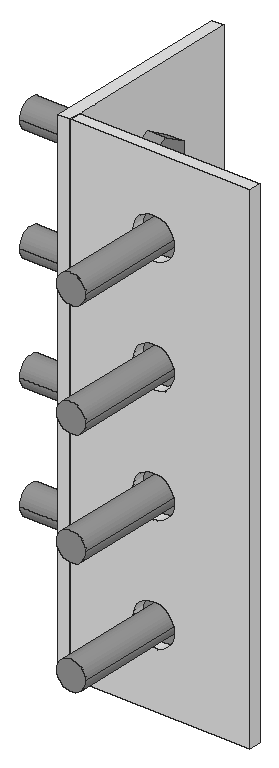
Revit family "060523 - W_P_C - Fastenings - Column Base & Top with X Bracing - Custom", category Structural Connections, Revit 2019
Family settings
  Material for Model Behavior = Other
  Work Plane-Based = No
  Enable cutting in views = Yes
  Always vertical = Yes
  Cut with Voids When Loaded = No
  Shared = No
Parameters (values of type "CUSTOM - L5"x5"x5/16"x13" - RAW STEEL")
  Width - Top = 0' - 6 7/8"
  Upper Plates - 2 = GL Plate - Up : L5"X5"X5/16" -1
  Upper Plates - 1 = GL Plate - Up : L5"X5"X5/16" -2
  URL = ""
  Top/Bottom Plate Thickness = 0' - 0 5/16"
  Top/Bottom Plate - Width = 0' - 7 1/2"
  Top Plate Visible = no
  Rod Visibility = no
  Rod Radius = 0' - 0 1/2"
  Rod Material = 3/4" STEEL (RAW) ROD (THREADED AT ENDS) - W/ TURNBUCKLE
  Rod Length [instance] = 1' - 0"
  Plate Visibility - Upper Right 2 = yes
  Plate Visibility - Upper Right 1 = yes
  Plate Visibility - Upper Left 2 = no
  Plate Visibility - Upper Left 1 = no
  Plate Visibility - Lower Right 2 = no
  Plate Visibility - Lower Right 1 = no
  Plate Visibility - Lower Left 2 = no
  Plate Visibility - Lower Left 1 = no
  Plate Thickness = 0' - 0 5/16"
  Offset - Upper Plate 2 = 0' - 0"
  Lower Plates = GL Plate - Up : 2nd - head -1
  Height of Plate = 1' - 3"
  Width - Bottom = 0' - 6 7/8"
  Plate Width = 0' - 5"
  Bracket Width = 0' - 5 1/4"
  Bracket Visibility = no
  Bracket Thickness = 0' - 0 5/8"
  Bracket Offset in X = 0' - 3 3/4"
  Bracket Offset in Y = 0' - 0 3/4"
  Bracket Offset = 0' - 1 1/2"
  Bracket Material = L5"x5"x5/16" STEEL ANGLE (RAW STEEL)
  Bracket Leg = 0' - 8"
  Bracket Hole Radius - Up = 0' - 0 1/2"
  Bracket Hole Radius - Down = 0' - 0 1/2"
  Bracket Hole Offset = 0' - 2"
  Bottom Plate Visible = no
  Beam Width = 0' - 7 3/8"
  Angle 2 = 61.00°
  Angle 1 = 151.00°
Types (9): name | Width - Top | Upper Plates - 2 | Upper Plates - 1 | Rod Visibility | Rod Radius | Rod Material | Rod Length | Plate Visibility - Upper Right 2 | Plate Visibility - Upper Left 2 | Plate Visibility - Upper Left 1 | Plate Visibility - Lower Right 1 | Plate Visibility - Lower Left 1 | Offset - Upper Plate 2 | Lower Plates | Height of Plate | Width - Bottom | Plate Width | Bracket Width | Bracket Visibility | Bracket Offset in X | Bracket Offset in Y | Bracket Offset | Bracket Material | Bracket Leg | Bracket Hole Radius - Up | Bracket Hole Radius - Down | Bracket Hole Offset | Angle 2 | Angle 1
  CUSTOM - L5"x5"x5/16"x13" - HDG | 0' - 6 7/8" | GL Plate - Up : L5"X5"X5/16" -1 | GL Plate - Up : L5"X5"X5/16" -2 | no | 0' - 0 1/2" | 3/4" STEEL (RAW) ROD (THREADED AT ENDS) - W/ TURNBUCKLE | 1' - 0" | yes | no | no | no | no | 0' - 0" | GL Plate - Up : 2nd - head -1 | 1' - 3" | 0' - 6 7/8" | 0' - 5" | 0' - 5 1/4" | no | 0' - 3 3/4" | 0' - 0 3/4" | 0' - 1 1/2" | L5"x5"x5/16" STEEL ANGLE (RAW STEEL) | 0' - 8" | 0' - 0 1/2" | 0' - 0 1/2" | 0' - 2" | 61.00° | 151.00°
  CUSTOM BRACKET - 1ST - HEAD | 0' - 6 7/8" | GL Plate - Up : C | GL Plate - Up : B 2 | no | 0' - 0 3/8" | 3/4" STEEL (RAW) ROD (THREADED AT ENDS) - W/ TURNBUCKLE | 1' - 0" | yes | yes | yes | yes | yes | 0' - 1" | GL Plate - Up : D | 1' - 1" | 0' - 6 7/8" | 0' - 4 3/4" | 0' - 4" | yes | 0' - 3 3/4" | 0' - 0 3/8" | 0' - 1 3/4" | 5/8" STEEL ANGLE (RAW STEEL) | 0' - 8" | 0' - 0 1/64" | 0' - 0 27/64" | 0' - 2 1/2" | 61.50° | 151.50°
  CUSTOM BRACKET -2ND - SILL | 0' - 6 7/8" | GL Plate - Up : D2.2 | GL Plate - Up : D2.2 | yes | 0' - 0 3/8" | 3/4" STEEL (RAW) ROD (THREADED AT ENDS) - W/ TURNBUCKLE | 1' - 0" | no | no | yes | yes | yes | 0' - 0" | GL Plate - Up : D2.1 | 0' - 4 1/2" | 0' - 6 7/8" | 0' - 4 3/4" | 0' - 4" | yes | 0' - 3 3/4" | 0' - 0 3/8" | 0' - 9 7/8" | 5/8" STEEL ANGLE (RAW STEEL) | 0' - 4 1/16" | 0' - 0 27/64" | 0' - 0 1/64" | 0' - 2" | 27.00° | 117.00°
  CUSTOM BRACKET - (C-ROOF) | 0' - 6 7/8" | GL Plate - Up : 2ND HEAD - UP | GL Plate - Up : 2ND HEAD - UP | no | 0' - 0 3/8" | 3/4" STEEL (RAW) ROD (THREADED AT ENDS) - W/ TURNBUCKLE | 1' - 0" | yes | yes | yes | yes | yes | 0' - 0" | GL Plate - Up : 2nd - head -1 | 0' - 10" | 0' - 6 7/8" | 0' - 4 3/4" | 0' - 4" | yes | 0' - 3 3/4" | 0' - 0" | 0' - 1 3/8" | 5/8" STEEL ANGLE (RAW STEEL) | 0' - 8" | 0' - 0 1/64" | 0' - 0 27/64" | 0' - 2" | 63.00° | 153.00°
  CUSTOM BRACKET - 1ST - SILL | 0' - 6 7/8" | GL Plate - Up : DR | GL Plate - Up : DR | yes | 0' - 0 3/8" | 3/4" STEEL (RAW) ROD (THREADED AT ENDS) - W/ TURNBUCKLE | 1' - 0" | no | no | yes | yes | yes | 0' - 0" | GL Plate - Up : DR-lower | 0' - 8" | 0' - 6 7/8" | 0' - 4 3/4" | 0' - 4" | yes | 0' - 3 3/4" | 0' - 0 3/8" | 0' - 0 5/8" | 5/8" STEEL ANGLE (RAW STEEL) | 0' - 4 3/8" | 0' - 0 27/64" | 0' - 0 1/64" | 0' - 2" | 28.50° | 118.50°
  CUSTOM - L5"x5"x5/16"x13" - RAW STEEL | 0' - 6 7/8" | GL Plate - Up : L5"X5"X5/16" -1 | GL Plate - Up : L5"X5"X5/16" -2 | no | 0' - 0 1/2" | 3/4" STEEL (RAW) ROD (THREADED AT ENDS) - W/ TURNBUCKLE | 1' - 0" | yes | no | no | no | no | 0' - 0" | GL Plate - Up : 2nd - head -1 | 1' - 3" | 0' - 6 7/8" | 0' - 5" | 0' - 5 1/4" | no | 0' - 3 3/4" | 0' - 0 3/4" | 0' - 1 1/2" | L5"x5"x5/16" STEEL ANGLE (RAW STEEL) | 0' - 8" | 0' - 0 1/2" | 0' - 0 1/2" | 0' - 2" | 61.00° | 151.00°
  upper | 0' - 5 1/2" | GL Plate - Up : 2ND HEAD - UP | GL Plate - Up : D2.1 | no | 0' - 0 3/8" | 3/4" STEEL (RAW) ROD (THREADED AT ENDS) - W/ TURNBUCKLE | 1' - 0" | no | no | yes | yes | yes | 0' - 0" | GL Plate - Up : 2nd - head -1 | 0' - 10" | 0' - 5 1/2" | 0' - 4 3/4" | 0' - 4" | yes | 0' - 3 1/16" | 0' - 0" | 0' - 1 3/8" | 5/8" STEEL ANGLE (RAW STEEL) | 0' - 8" | 0' - 0 1/64" | 0' - 0 27/64" | 0' - 2" | 63.00° | 153.00°
  lower | 0' - 5 1/2" | GL Plate - Up : DR | GL Plate - Up : DR | yes | 0' - 0 3/8" | X-BRACING: 3/4" DIA. THREADED STEEL ROD (RAW) W/ TURNBUCKLE (NUTS AT STEEL ANGLE) | 11' - 4" | no | no | yes | yes | yes | 0' - 0" | GL Plate - Up : DR-lower | 0' - 8" | 0' - 5 1/2" | 0' - 4 3/4" | 0' - 4" | yes | 0' - 3 1/16" | 0' - 0 3/8" | 0' - 0 5/8" | 5/8" STEEL ANGLE (RAW STEEL) | 0' - 4 3/8" | 0' - 0 27/64" | 0' - 0 1/64" | 0' - 2" | 31.00° | 118.50°
  TEST | 0' - 5 1/2" | GL Plate - Up : DR | GL Plate - Up : DR | yes | 0' - 0 3/8" | 3/4" STEEL (RAW) ROD (THREADED AT ENDS) - W/ TURNBUCKLE | 11' - 4" | no | no | yes | yes | yes | 0' - 0" | GL Plate - Up : DR-lower | 0' - 8" | 0' - 5 1/2" | 0' - 4 3/4" | 0' - 4" | yes | 0' - 3 1/16" | 0' - 0 3/8" | 0' - 0 5/8" | 5/8" STEEL ANGLE (RAW STEEL) | 0' - 4 3/8" | 0' - 0 27/64" | 0' - 0 1/64" | 0' - 2" | 29.50° | 118.50°
Reference planes (in)
  plane 1 "Center (Front/Back)": y = 0
  plane 2: z = 0
  plane 3 "Center (Left/Right)": x = 0
  plane 4: x = -3.4375
  plane 5: x = 3.4375
  plane 6: z = 1.5
  plane 7: x = 3.75
  plane 8: y = 2.5
  plane 9: y = -2.5
  plane 10: z = 0.3125
  plane 11: x = -3.75
  plane 12: x = 3.75
  plane 13: z = 15.625
  plane 14: z = 15.3125
  plane 15: x = 3.4375
  plane 16: x = -3.4375
  plane 17: y = 1.75
  plane 18: y = -3.5
  plane 19: y = -0.875
  plane 20: x = 3.75
  plane 21: x = -3.75
  plane 22: x = 3.75
  plane 23: x = -3.75
  plane 24: z = 15.3125
  plane 25: z = 21.8125
Forms (in)
  Extrusion 1, solid, material "L5"x5"x5/16" STEEL ANGLE (RAW STEEL)" <- "Bracket Material", visible <- "Bracket Visibility"
    sketch origin (0, 0, 0) x (1, 0, 0) y (0, 0, 1)
      loop
        line (3.75, 10.64683) -> (3.75, 9.93224) -> (6.77883, 8.25333) -> (3.75, 2.78917) -> (3.75, 1.5) -> (7.62848, 8.49696) -> (3.75, 10.64683)
    from -1.75 to 3.5
  Extrusion 2, solid, visible <- "Bottom Plate Visible"
    sketch origin (0, 0, -15.3125) x (1, 0, 0) y (0, 1, 0)
      loop
        line (-3.75, 2.5) -> (-3.75, -2.5) -> (3.75, -2.5) -> (3.75, 2.5) -> (-3.75, 2.5)
    from 15.625 to 15.3125
  Extrusion 3, solid, visible <- "Top Plate Visible"
    sketch origin (0, 0, -2.0625) x (1, 0, 0) y (0, 1, 0)
      loop
        line (3.4375, 2.5) -> (-3.4375, 2.5) -> (-3.4375, -2.5) -> (3.4375, -2.5) -> (3.4375, 2.5)
    from 17.6875 to 17.375
  Extrusion 4, void
    sketch origin (3.75, 0, 10.64683) x (-0.87462, 0, 0.48481) y (0, 1, 0)
      loop
        circle (-2.43447, -0.875) r 0.5
    from 0 to 0.69376
  Extrusion 5, void
    sketch origin (7.62848, 0, 8.49696) x (0.48481, 0, 0.87462) y (0, 1, 0)
      loop
        circle (-2, -0.875) r 0.5
    from 0 to 0.92067
  Extrusion 6, solid, material "3/4" STEEL (RAW) ROD (THREADED AT ENDS) - W/ TURNBUCKLE" <- "Rod Material", visible <- "Rod Visibility"
    sketch origin (3.75, 0, 10.64683) x (0.87462, 0, -0.48481) y (0, 1, 0)
      loop
        circle (2.43447, -0.875) r 0.5
    from -1.5 to 12
Cuts and joins
  Extrusion 4, Extrusion 5 cuts Extrusion 1
Lines and regions (in)
  reference lines
    curve 1: line (3.75, 0, 10.64683) -> (7.62848, 0, 8.49696)
    curve 2: line (3.75, 0, 1.5) -> (7.62848, 0, 8.49696)
    curve 3: line (6.77883, 0, 8.25333) -> (4.19101, 0, 3.58477)
    curve 4: line (0.03683, 0, 11.99048) -> (6.77883, 0, 8.25333)
    curve 5: line (11.69695, 0, 19.96201) -> (5.87924, 0, 9.46658)
Dimensions and locks (in)
  equal spacing: plane 5, plane 3 "Center (Left/Right)", plane 4
  "Width - Bottom": plane 5 to plane 4
  "Bracket Offset": plane 6 to level
  equal spacing: plane 8, plane 1 "Center (Front/Back)", plane 9
  "Plate Width": plane 8 to plane 9
  "Top/Bottom Plate Thickness": plane 10 to level
  equal spacing: plane 12, plane 3 "Center (Left/Right)", plane 11
  "Bracket Leg": curve 2 to curve 2
  "Bracket Thickness": curve 2 to curve 3
  "Bracket Thickness": curve 4 to curve 1
  "Height of Plate": plane 14 to plane 10
  "Top/Bottom Plate Thickness": plane 13 to plane 14
  "Bracket Hole Offset": Extrusion 4 sketch curve to cut or joined group of Extrusion 1, Extrusion 4, Extrusion 5
  "Bracket Hole Offset": Extrusion 5 sketch curve to cut or joined group of Extrusion 1, Extrusion 4, Extrusion 5
  "Top/Bottom Plate - Width": plane 12 to plane 11
  equal spacing: plane 15, plane 3 "Center (Left/Right)", plane 16
  "Width - Top": plane 15 to plane 16
  "Bracket Width": plane 17 to plane 18
  "Bracket Offset in Y": plane 8 to plane 17
  equal spacing: plane 17, plane 19, plane 18
  "Bracket Offset in X": plane 7 to plane 3 "Center (Left/Right)"
  "Plate Thickness": plane 16 to plane 21
  "Plate Thickness": plane 20 to plane 15
  "Plate Thickness": plane 22 to plane 5
  "Plate Thickness": plane 4 to plane 23
  "Offset - Upper Plate 2": plane 24 to plane 14
  equal spacing: cut or joined group of Extrusion 1, Extrusion 4, Extrusion 5, Extrusion 6 sketch curve, cut or joined group of Extrusion 1, Extrusion 4, Extrusion 5
  "Bracket Hole Offset": Extrusion 6 sketch curve to cut or joined group of Extrusion 1, Extrusion 4, Extrusion 5
  "Rod Length": curve 1 to Extrusion 6
  "Bracket Hole Offset": curve 5 to curve 2
  "Rod Length": curve 1 to curve 5
  "Bracket Hole Radius - Up": radius of Extrusion 4 sketch curve
  "Bracket Hole Radius - Down": radius of Extrusion 5 sketch curve
  "Rod Radius": radius of Extrusion 6 sketch curve
  "Angle 2": angle plane 7 to curve 1
  "Angle 1": angle plane 7 to curve 2
  "Angle 1": angle plane 7 to curve 3
  "Angle 2": angle plane 7 to curve 4
  locked: curve 1 to curve 5 (angle 90.00°)
  aligned and locked: level to plane 2
  aligned and locked: plane 7 to Extrusion 1 sketch curve  (x2)
  aligned and locked: level to Extrusion 2
  aligned and locked: Extrusion 2 to plane 10
  aligned and locked: Extrusion 1 sketch curve to curve 4
  aligned and locked: curve 1 to Extrusion 1 sketch curve
  aligned and locked: plane 7 to curve 2
  aligned and locked: plane 6 to curve 2
  aligned and locked: plane 13 to Extrusion 3
  aligned and locked: Extrusion 3 to plane 14
  aligned and locked: Extrusion 1 sketch curve to curve 3
  aligned and locked: Extrusion 1 sketch curve to curve 2
  aligned and locked: curve 1 to Extrusion 4
  aligned and locked: Extrusion 5 to curve 2
  aligned and locked: plane 8 to Extrusion 2
  aligned and locked: Extrusion 2 to plane 9
  aligned and locked: plane 8 to Extrusion 3 sketch curve
  aligned and locked: Extrusion 3 sketch curve to plane 9
  aligned and locked: Extrusion 2 sketch curve to cut or joined group of Extrusion 1, Extrusion 4, Extrusion 5
  aligned and locked: plane 19 to Extrusion 5 sketch curve
  aligned and locked: plane 19 to Extrusion 4 sketch curve
  aligned and locked: plane 17 to Extrusion 1
  aligned and locked: Extrusion 1 to plane 18
  aligned and locked: plane 15 to nested 1
  aligned and locked: plane 16 to nested 3
  aligned and locked: plane 4 to nested 7
  aligned and locked: nested 2 to plane 9
  aligned and locked: plane 9 to nested 4
  aligned and locked: plane 8 to nested 6
  aligned and locked: nested 8 to plane 8
  aligned and locked: nested 2 to plane 22
  aligned and locked: nested 4 to plane 23
  aligned and locked: plane 22 to nested 6
  aligned and locked: plane 22 to curve 1
  aligned and locked: plane 23 to nested 8
  aligned and locked: plane 8 to nested 5
  aligned and locked: nested 7 to plane 8
  aligned and locked: nested 3 to plane 9
  aligned and locked: plane 9 to nested 1
  aligned and locked: plane 15 to nested 5
  aligned and locked: plane 25 to nested 2
Automatic sketch dimensions
  Extrusion 3 sketch curve to plane 16 = 0' - 0"
  Extrusion 3 sketch curve to plane 15 = 0' - 0"
  Extrusion 2 sketch curve to plane 9 = 0' - 0"
  Extrusion 2 sketch curve to plane 23 = 0' - 0"
  Extrusion 2 sketch curve to plane 8 = 0' - 0"
Nested families (in)
  nested 1: "GL Plate - Up" at (3.4375, 0, 15.3125) x (0, 1, 0) z (0, 0, 1), type <- "Upper Plates - 1", visible <- "Plate Visibility - Upper Right 1", type "L5"X5"X5/16" -2"
  nested 2: "GL Plate - Up" at (6.09375, -2.5, 15.3125), type <- "Upper Plates - 2", visible <- "Plate Visibility - Upper Right 2", type "L5"X5"X5/16" -1"
  nested 3: "GL Plate - Up" at (-3.4375, 0, 15.3125) x (0, 1, 0) z (0, 0, 1), type <- "Upper Plates - 1", visible <- "Plate Visibility - Upper Left 1", type "L5"X5"X5/16" -2"
  nested 4: "GL Plate - Up" at (-6.09375, -2.5, 15.3125) x (-1, 0, 0) z (0, 0, 1), visible <- "Plate Visibility - Upper Left 2", type <- "Upper Plates - 2", type "L5"X5"X5/16" -1"
  nested 5: "GL Plate - Up" at (3.4375, 0.125, 0.3125) x (0, 1, 0) z (0, 0, 1), visible <- "Plate Visibility - Lower Right 1", type <- "Lower Plates", type "2nd - head -1"
  nested 6: "GL Plate - Up" at (6.125, 2.5, 0.3125) x (-1, 0, 0) z (0, 0, 1), visible <- "Plate Visibility - Lower Right 2", type <- "Lower Plates", type "2nd - head -1"
  nested 7: "GL Plate - Up" at (-3.4375, 0.125, 0.3125) x (0, 1, 0) z (0, 0, 1), visible <- "Plate Visibility - Lower Left 1", type <- "Lower Plates", type "2nd - head -1"
  nested 8: "GL Plate - Up" at (-6.125, 2.5, 0.3125), visible <- "Plate Visibility - Lower Left 2", type <- "Lower Plates", type "2nd - head -1"
Definition of nested family "GL Plate - Up"
  Parameters (values of type "C")
    Width = 0' - 4 3/4"
    Plate Thickness = 0' - 0 5/16"
    Top Offset = 0' - 2"
    Plate Material = none
    Number of Holes = 4
    Midpoint Line Visibility = no
    Hole Radius = 0' - 0 35/64"
    Height = 1' - 1"
    Default Elevation = 4' - 0"
    Bolt Visibility = no
    Bolt Spacing = 0' - 3"
    Bolt Offset = 0' - 2 3/8"
    All Bolts Off Except One = yes
  Types (11): name | Width | Top Offset | Number of Holes | Midpoint Line Visibility | Height | Bolt Spacing | Bolt Offset | All Bolts Off Except One
    C | 0' - 4 3/4" | 0' - 2" | 4 | no | 1' - 1" | 0' - 3" | 0' - 2 3/8" | yes
    D | 0' - 4 3/4" | 0' - 2" | 3 | no | 1' - 2" | 0' - 3 1/2" | 0' - 2 3/8" | yes
    D2.1 | 0' - 4 3/4" | 0' - 2" | 2 | no | 0' - 4 1/2" | 0' - 3 1/2" | 0' - 2 3/8" | no
    D2.2 | 0' - 4 3/4" | 0' - 4 1/2" | 3 | no | 1' - 3" | 0' - 3 1/2" | 0' - 2 3/8" | yes
    DR | 0' - 4 3/4" | 0' - 2 3/4" | 2 | no | 0' - 5 1/2" | 0' - 3 1/2" | 0' - 2 3/8" | no
    DR-lower | 0' - 4 3/4" | 0' - 2" | 2 | no | 0' - 8" | 0' - 3 1/2" | 0' - 2 3/8" | yes
    2nd - head -1 | 0' - 4 3/4" | 0' - 2" | 2 | yes | 0' - 10" | 0' - 3 1/4" | 0' - 2 3/8" | yes
    2ND HEAD - UP | 0' - 4 3/4" | 0' - 2" | 4 | yes | 1' - 1" | 0' - 3" | 0' - 2 3/8" | yes
    L5"X5"X5/16" -2 | 0' - 5" | 0' - 2" | 4 | yes | 1' - 1" | 0' - 3" | 0' - 2 1/2" | yes
    L5"X5"X5/16" -1 | 0' - 4 11/16" | 0' - 2" | 4 | yes | 1' - 1" | 0' - 3" | 0' - 2 1/2" | yes
    B 2 | 0' - 4 3/4" | 0' - 1 1/2" | 3 | yes | 0' - 10 1/2" | 0' - 3" | 0' - 2 11/32" | yes
  Reference planes (in)
    plane 1 "Center (Front/Back)": y = 0
    plane 2: z = 0
    plane 3 "Center (Left/Right)": x = 0
    plane 4: z = 13
    plane 5: x = 2.375
    plane 6: y = -0.3125
    plane 7: z = 11
    plane 8: x = 0
    plane 9: x = -2.375
    plane 10: z = 8
    plane 11: x = 0
    plane 12 "Mid Plate": z = 6.5
    plane 13: x = 0
    plane 14: z = 5
    plane 15: x = 0
    plane 16: z = 2
    plane 17: x = 0
  Forms (in)
    Extrusion 1, solid, material <- "Plate Material"
      sketch origin (0, 0, 0) x (1, 0, 0) y (0, 0, 1)
        loop
          line (-2.375, 13) -> (-2.375, 0) -> (2.375, 0) -> (2.375, 13) -> (-2.375, 13)
      from 0 to 0.3125
    Extrusion 2, void
      sketch origin (-2.5, 0, -1.51191) x (1, 0, 0) y (0, 0, 1)
        loop
          circle (2.5, 12.51191) r 0.54688
      from 0 to 12
    Extrusion 3, void
      sketch origin (-2.5, 0, -4.51191) x (1, 0, 0) y (0, 0, 1)
        loop
          circle (2.5, 12.51191) r 0.54688
      from 0 to 12
    Extrusion 4, void
      sketch origin (-2.5, 0, -7.51191) x (1, 0, 0) y (0, 0, 1)
        loop
          circle (2.5, 12.51191) r 0.54688
      from 0 to 12
    Extrusion 5, void
      sketch origin (-2.5, 0, -10.51191) x (1, 0, 0) y (0, 0, 1)
        loop
          circle (2.5, 12.51191) r 0.54688
      from 0 to 12
  Cuts and joins
    Extrusion 2, Extrusion 3, Extrusion 4, Extrusion 5 cuts Extrusion 1
  Dimensions and locks (in)
    "Height": plane 4 to plane 2
    "Plate Thickness": plane 1 "Center (Front/Back)" to plane 6
    equal spacing: plane 5, plane 3 "Center (Left/Right)", plane 9
    "Width": plane 5 to plane 9
    "Top Offset": plane 4 to plane 7
    equal spacing: group 1, group 2, group 3, group 4  (x2)
    equal spacing: group 4, group 3, group 2, group 1
    "Bolt Spacing": plane 7 to plane 10
    equal spacing: plane 4, plane 12 "Mid Plate", level
    plane 4 to nested 3 = 0' - 2"
    "Bolt Offset": plane 5 to plane 13
    "Hole Radius": radius of Extrusion 2 sketch curve
    "Hole Radius": radius of Extrusion 3 sketch curve
    "Hole Radius": radius of Extrusion 4 sketch curve
    "Hole Radius": radius of Extrusion 5 sketch curve
    aligned and locked: plane 2 to level
    aligned and locked: Extrusion 1 sketch curve to plane 4
    aligned and locked: Extrusion 1 sketch curve to plane 5
    aligned and locked: plane 6 to Extrusion 1
    aligned and locked: plane 7 to Extrusion 2 sketch curve
    aligned and locked: plane 8 to Extrusion 2 sketch curve
    aligned and locked: plane 9 to Extrusion 1 sketch curve
    aligned and locked: plane 10 to Extrusion 3 sketch curve
    aligned and locked: plane 11 to Extrusion 3 sketch curve
    aligned and locked: level to Extrusion 1 sketch curve
    aligned and locked: nested 1 to plane 7
    aligned and locked: nested 1 to plane 8
    aligned and locked: nested 2 to plane 10
    aligned and locked: nested 2 to plane 11
    aligned and locked: nested 3 to plane 7
    aligned and locked: plane 13 to plane 8
    aligned and locked: plane 13 to plane 11
    aligned and locked: plane 13 to nested 3
    aligned and locked: plane 14 to Extrusion 4 sketch curve
    aligned and locked: plane 15 to Extrusion 4 sketch curve
    aligned and locked: nested 4 to plane 14
    aligned and locked: nested 4 to plane 15
    aligned and locked: plane 16 to Extrusion 5 sketch curve
    aligned and locked: plane 17 to Extrusion 5 sketch curve
    aligned and locked: nested 5 to plane 16
    aligned and locked: nested 5 to plane 17
  Nested families (in)
    nested 1: "Lag Bolt" at (0, -0.3125, 11) x (1, 0, 0) z (0, -1, 0), visible <- "All Bolts Off Except One", type "3/4" x 4""
    nested 2: "Lag Bolt" at (0, -0.3125, 8) x (1, 0, 0) z (0, -1, 0), visible <- "All Bolts Off Except One", type "3/4" x 4""
    nested 3: "Lag Bolt" at (0, -0.3125, 11) x (1, 0, 0) z (0, -1, 0), type "3/4" x 4""
    nested 4: "Lag Bolt" at (0, -0.3125, 5) x (1, 0, 0) z (0, -1, 0), visible <- "All Bolts Off Except One", type "3/4" x 4""
    nested 5: "Lag Bolt" at (0, -0.3125, 2) x (1, 0, 0) z (0, -1, 0), visible <- "All Bolts Off Except One", type "3/4" x 4""
  Definition of nested family "Lag Bolt"
    Parameters (values of type "ONE")
      Side = Head Size * 0.57812  # 0' - 0 111/128"
      Radius = Diameter / 2  # 0' - 0 1/2"
      Length = 0' - 3"
      Head Size = 0' - 1 1/2"
      Head Radius = Head Size / 2  # 0' - 0 3/4"
      Head Height = 0' - 0 151/256"
      Diameter = 0' - 1"
      Default Elevation = 4' - 0"
      Bolt Material (Size) = none
    Types (3): name | Side | Radius | Length | Head Size | Head Radius | Head Height | Diameter
      3/4" x 4" | 0' - 0.65039" | 0' - 0 3/8" | 0' - 3" | 0' - 1 1/8" | 0' - 0 9/16" | 0' - 0 1/2" | 0' - 0 3/4"
      1/2" x 4" | 0' - 0 111/256" | 0' - 0 1/4" | 0' - 4" | 0' - 0 3/4" | 0' - 0 3/8" | 0' - 0 1/2" | 0' - 0 1/2"
      ONE | 0' - 0 111/128" | 0' - 0 1/2" | 0' - 3" | 0' - 1 1/2" | 0' - 0 3/4" | 0' - 0 151/256" | 0' - 1"
    Reference planes (in)
      plane 1 "Center (Front/Back)": y = 0
      plane 2: z = 0
      plane 3 "Center (Left/Right)": x = 0
      plane 4: z = 0.58984
      plane 5: z = -3
      plane 6: y = 0
      plane 7: x = 0
    Forms (in)
      Extrusion 1, solid, material <- "Bolt Material (Size)"
        sketch origin (0, 0, 0) x (1, 0, 0) y (0, 1, 0)
          loop
            line (0, 0.86603) -> (-0.75, 0.43301) -> (-0.75, -0.43301) -> (0, -0.86603) -> (0.75, -0.43301) -> (0.75, 0.43301) -> (0, 0.86603)
        from 0 to 0.58984
      Extrusion 2, solid, material <- "Bolt Material (Size)"
        sketch origin (0, 0, 0) x (1, 0, 0) y (0, 1, 0)
          loop
            circle (0, 0) r 0.5
        from -3 to 0
    Lines and regions (in)
      model lines
        curve 1: line (0, -0.86603, 0.58984) -> (0, 0.86603, 0.58984)
        curve 2: line (1.5, 0, 0.58984) -> (-0.75, 0, 0.58984)
      symbolic lines
        curve 3: line (0, 0, 0.58984) -> (0, 0, -3)
        curve 4: line (0, 0, 0.58984) -> (0, 0, -3)
    Dimensions and locks (in)
      "Head Height": plane 4 to level
      "Length": level to plane 5
      "Head Radius": Extrusion 1 sketch curve to plane 3 "Center (Left/Right)"
      "Head Radius": Extrusion 1 sketch curve to plane 7
      "Head Radius": Extrusion 1 sketch curve to plane 6  (x2)
      "Radius": radius of Extrusion 2 sketch curve
      locked: Extrusion 1 sketch curve to Extrusion 1 sketch curve (angle 120.00°)  (x5)
      aligned and locked: level to plane 2
      aligned and locked: Extrusion 1 to plane 4
      aligned and locked: Extrusion 2 to plane 5
      aligned and locked: plane 7 to curve 1
      aligned and locked: plane 6 to curve 2
      aligned and locked: plane 6 to curve 4
    Automatic sketch dimensions
      curve 2 to Extrusion 1 = 0' - 0"
      curve 1 to Extrusion 1 = 0' - 0"
      Extrusion 1 to curve 1 = 0' - 0"
      Extrusion 1 to curve 2 = 0' - 0"
      curve 3 to plane 3 "Center (Left/Right)" = 0' - 0"
      curve 3 to plane 5 = 0' - 0"
      curve 3 to plane 4 = 0' - 0"
      curve 4 to plane 5 = 0' - 0"
      curve 4 to plane 4 = 0' - 0"
      Extrusion 1 sketch curve to plane 3 "Center (Left/Right)" = 0' - 0"  (x2)
      plane 1 "Center (Front/Back)" to Extrusion 2 sketch curve = 0' - 0"
      Extrusion 2 sketch curve to plane 3 "Center (Left/Right)" = 0' - 0"
